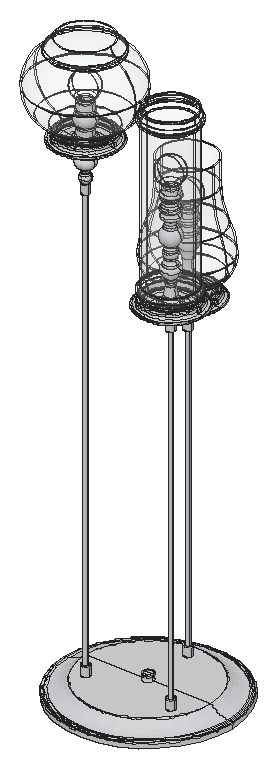
Revit family "Light_Fixture-Pendant-KOHLER-Damask-K-23341_1", category Lighting Fixtures, host Face, Revit 2017
Family settings
  Host = Face
  Round Connector Dimension = Use Diameter
  Part Type = Normal
  OmniClass Number = 23.35.47.11
  OmniClass Title = Lighting Fixtures
  Cut with Voids When Loaded = No
  Light Source = Yes
  Shared = No
  Room Calculation Point = No
Parameters (values of type "CPL - Polished Chrome")
  Width = 12 1/2"
  Wattage Comments = "60 W"  # constant formula
  Wattage = 60 W
  WaterSense Certified = 1 = 0  # no
  built-in parameter 1150110 = 1 (stored number, unit not read)
  Voltage = 120 V  # constant formula
  URL = "https://www.us.kohler.com/us/"
  Type = 4
  built-in parameter 1114217 = 1 (stored number, unit not read)
  built-in parameter 1150109 = 1 (stored number, unit not read)
  built-in parameter 1150134 = (empty or 0)
  built-in parameter 1150113 = 1 (stored number, unit not read)
  Product Page URL = "http://www.us.kohler.com/us/catalog/productDetails.jsp?productNumber=23341-PE03"
  Product Name = "Damask"  # constant formula
  Product Documentation Link = "https://www.us.kohler.com/webassets/kpna/catalog/pdf/en/K-23341-PE03_spec.pdf"
  Model = if(Type = 1, "K-23341-PE03-SNL", if(Type = 2, "K-23341-PE03-BGL", if(Type = 3, "K-23341-PE03-BZL", if(Type = 4, "K-23341-PE03-CPL", "NA"))))  # "K-23341-PE03-CPL"
  Material = "Brass Construction"  # constant formula
  MasterFormat 2004 = "10.28.13"  # constant formula
  MasterFormat 1995 = "10820"  # constant formula
  Manufacturer Address = "444 Highland Dr, Kohler, WI 53044"  # constant formula
  Manufacturer = "KOHLER Co."  # constant formula
  built-in parameter 1150105 = 179.05 (stored number, unit not read)
  Lumens = 2250 lm
  built-in parameter 1150115 = 1 (stored number, unit not read)
  Light Source Symbol Size = 6"  # constant formula
  built-in parameter 1150137 = (empty or 0)
  built-in parameter 1150139 = (empty or 0)
  Length = 12 1/2"
  built-in parameter 1150112 = 1 (stored number, unit not read)
  built-in parameter 1150114 = 1 (stored number, unit not read)
  Lamp = "Candelabra base (E12) socket, works best with type G or T light bulbs (sold separately)"  # constant formula
  built-in parameter 1150132 = (empty or 0)
  built-in parameter 1150102 = (empty or 0)
  built-in parameter 1150107 = 3000 (stored number, unit not read)
  built-in parameter 1150138 = (empty or 0)
  built-in parameter 1150106 = 1.7905 (stored number, unit not read)
  Height = 43 1/4"
  Glass Material = Kohler-Glass-L-Crystal_Clear
  Finish = Kohler-Metal-CP-Polished_Chrome
  Environmental Product Declaration = ""
  Electrical Note = "One circuit required"  # constant formula
  Electrical Connector = 1 = 1  # yes
  built-in parameter 1150104 = 3.4839 (stored number, unit not read)
  Dimming Lamp Color Temperature Shift = Incandescent Lamp Curve
  Description = "Three-light pendant cloud\r"  # constant formula
  Default Elevation = 0"
  Declare Label = ""
  Date Modified = "03/30/2020"  # constant formula
  Date Created = "03/30/2020"  # constant formula
  Copyright = "Copyright KOHLER Co."  # constant formula
  Contact Us = "https://www.us.kohler.com/us/static/contact.jsp"
  Color Filter = 16777215
  built-in parameter 1114218 = 1 (stored number, unit not read)
  built-in parameter 1150133 = 10 (stored number, unit not read)
  Assembly Code = "C1030200"
  Apparent Load = 60 VA  # constant formula
  ADA Compliant = 1 = 0  # no
Reference planes (in)
  plane 1 "Center (Front/Back)": y = 0
  plane 2: z = 0
  plane 3 "Center (Left/Right)": x = 0
  plane 4: y = -6.25
  plane 5: x = -6.93086
  plane 6: y = 3.65551
  plane 7: x = -6.25
  plane 8: x = -3.14961
  plane 9: x = 6.25
  plane 10: y = -1.85546
  plane 11: x = 3.14961
  plane 12: x = 0
  plane 13: y = 6.25
  plane 14: x = 5.52461
  plane 15: y = 1.92579
  plane 16: y = -5.63671
  plane 17: x = 0.77461
  plane 18: x = 0.63164
  plane 19: y = 0.51954
  plane 20: y = 0.71801
  plane 21: y = -4.23046
  plane 22: y = -3.88671
  plane 23: x = -0.97539
  plane 24: x = 1.11836
  plane 25: z = 40.79041
  plane 26: z = 43.25
  plane 27: z = 34.05512
  plane 28: z = 40.03484
  plane 29: z = 36.125
  plane 30: z = 35.58632
  plane 31: z = 24.43012
  plane 32: z = 27.41541
  plane 33: z = 1.0625
  plane 34: x = 5.18086
  plane 35: y = 6.59301
Dimensions and locks (in)
  "Width": plane 7 to plane 9
  "Height": plane 26 to plane 2
  "Length": plane 4 to plane 13
  plane 33 to plane 2 = 1 1/16"
  plane 25 to plane 32 = 13 3/8"
  plane 34 to plane 24 = 4 1/16"
  plane 31 to plane 27 = 9 5/8"
  plane 35 to plane 20 = 5 7/8"
  plane 29 to plane 26 = 7 1/8"
  plane 15 to plane 16 = 7 9/16"
  aligned and locked: plane 2 to host face
  aligned and locked: level to host face
  aligned and locked: plane 3 "Center (Left/Right)" to nested 3
  aligned and locked: plane 1 "Center (Front/Back)" to nested 3
Automatic sketch dimensions
  host sketch curve to host sketch curve = 96"  (x2)
Nested families (in)
  nested 1: "Light_Point_Source" at (-3.16199, -1.84564, 39.875), type "Light_Point_Source"
  nested 2: "Light_Point_Source" at (3.15587, -1.88579, 36.51617), type "Light_Point_Source"
  nested 3: "K-23341" at (0, 0, 0), type "K-23341"
Connectors (in)
  electrical at (0, 0, -0.00738), driven by "Voltage", driven by "Apparent Load", driven by "Electrical Connector", driven by "Electrical Note"
    settings: on nested 3, index 1, voltage 120 V, apparent load 60 VA, apparent load phase1 0 VA, apparent load phase2 0 VA, apparent load phase3 0 VA, power factor 1, load classification "Lighting", number of poles 1, system type 30, power factor state 1, is connector primary yes, connector utility yes, sub classification motor no, connector description "One circuit required"
Definition of nested family "K-23341"
  Parameters (values of type "K-23341")
    Material = none
    Glass Material = none
    Bulb Material = none
  Reference planes (in)
    plane 1 "Center (Front/Back)": y = 0
    plane 2: z = 0
    plane 3 "Center (Left/Right)": x = 0
    plane 4: x = -6.25
    plane 5: x = 6.25
    plane 6: y = 6.25
    plane 7: y = -6.25
    plane 8: z = 1.0625
    plane 9: x = 3.14961
    plane 10: x = -3.14961
    plane 11: x = -0.97539
    plane 12: x = 5.52461
    plane 13: x = 0.77461
    plane 14: x = 1.11836
    plane 15: x = -2.9375
    plane 16: x = 2.9375
    plane 17: z = 40.79041
    plane 18: z = 27.41541
    plane 19: z = 34.05512
    plane 20: z = 24.43012
    plane 21: x = -6.93086
    plane 22: x = 0.63164
    plane 23: z = 43.25
    plane 24: z = 36.125
    plane 25 "A": y = -1.85546
    plane 26 "B": y = 3.65551
    plane 27: y = 1.92579
    plane 28: y = -5.63671
    plane 29: x = 5.18086
    plane 30: y = 0.17579
    plane 31: y = -3.88671
    plane 32: y = 0.51954
    plane 33: y = -4.23046
    plane 34: y = 6.59301
    plane 35: y = 0.71801
    plane 36: z = 39.03484
    plane 37: z = 40.03484
    plane 38: z = 41.03484
    plane 39: z = 35.58632
    plane 40: z = 36.58632
    plane 41: z = 37.58632
    plane 42: z = 30.57227
    plane 43: z = 31.57227
    plane 44: z = 32.57227
  Forms (in)
    Revolve 1, solid, material <- "Material", detail levels medium+fine
      sketch origin (0, 0, 0) x (1, 0, 0) y (0, 0, 1)
        loop
          line (0, 0) -> (6.25, 0) -> (6.25, 0.31899)
          arc (6.25, 0.31899) -> (6.23965, 0.34398) -> (6.21466, 0.35433) r 0.03534
          line (6.21466, 0.35433) -> (6.12415, 0.35433)
          arc (6.12415, 0.35433) -> (6.09771, 0.363) -> (6.08156, 0.38565) r 0.04462
          arc (6.08156, 0.38565) -> (6.056, 0.42184) -> (6.01411, 0.43628) r 0.07216
          arc (6.01411, 0.43628) -> (5.94406, 0.43893) -> (5.87416, 0.44412) r 1.9379
          arc (5.87416, 0.44412) -> (5.20007, 0.63343) -> (4.63725, 1.04993) r 1.9379
          arc (4.63725, 1.04993) -> (4.62407, 1.05922) -> (4.60828, 1.0625) r 0.03966
          line (4.60828, 1.0625) -> (0.35371, 1.0625)
          arc (0.35371, 1.0625) -> (0.30571, 1.22133) -> (0.35265, 1.38047) r 0.29002
          line (0.35265, 1.38047) -> (0.35265, 1.5089)
          arc (0.35265, 1.5089) -> (0.34488, 1.52766) -> (0.32612, 1.53543) r 0.02653
          line (0.32612, 1.53543) -> (0, 1.53543) -> (0, 0)
        axis (0, 1.53543) -> (0, 0)
      angle from 0 to 360
    Revolve 2, solid, material <- "Material", detail levels medium+fine
      sketch origin (0, -1.85546, 0) x (0, 0, -1) y (-1, 0, 0)
        loop
          arc (-1.77165, -3.42356) -> (-1.76545, -3.43853) -> (-1.75049, -3.44473) r 0.02116
          line (-1.75049, -3.44473) -> (-1.08351, -3.44473)
          arc (-1.08351, -3.44473) -> (-1.06865, -3.43857) -> (-1.0625, -3.42372) r 0.02101
          line (-1.0625, -3.42372) -> (-1.0625, -3.14961) -> (-35.58632, -3.14961) -> (-35.58632, -3.64853)
          arc (-35.58632, -3.64853) -> (-35.5718, -3.68358) -> (-35.53675, -3.6981) r 0.04958
          line (-35.53675, -3.6981) -> (-35.21456, -3.6981)
          arc (-35.21456, -3.6981) -> (-35.19827, -3.70506) -> (-35.19203, -3.72164) r 0.02255
          arc (-35.19203, -3.72164) -> (-35.13402, -3.80866) -> (-35.03354, -3.77965) r 0.08852
          arc (-35.03354, -3.77965) -> (-35.01947, -3.77282) -> (-35.00552, -3.7799) r 0.01758
          arc (-35.00552, -3.7799) -> (-34.97915, -3.80444) -> (-34.94578, -3.81803) r 0.09986
          arc (-34.94578, -3.81803) -> (-34.91218, -3.81659) -> (-34.88332, -3.7993) r 0.06841
          arc (-34.88332, -3.7993) -> (-34.83316, -3.753) -> (-34.77922, -3.71115) r 0.79818
          arc (-34.77922, -3.71115) -> (-34.73767, -3.68888) -> (-34.69191, -3.67757) r 0.18913
          arc (-34.69191, -3.67757) -> (-34.5888, -3.66962) -> (-34.48539, -3.67001) r 1.28159
          arc (-34.48539, -3.67001) -> (-34.40407, -3.68068) -> (-34.32578, -3.70515) r 0.47598
          arc (-34.32578, -3.70515) -> (-34.29897, -3.72388) -> (-34.28272, -3.75227) r 0.07474
          arc (-34.28272, -3.75227) -> (-34.26313, -3.78261) -> (-34.23059, -3.79827) r 0.06667
          line (-34.23059, -3.79827) -> (-34.11087, -3.81938)
          arc (-34.11087, -3.81938) -> (-34.07295, -3.8141) -> (-34.04532, -3.7876) r 0.06216
          arc (-34.04532, -3.7876) -> (-33.86983, -3.673) -> (-33.67844, -3.75842) r 0.21893
          arc (-33.67844, -3.75842) -> (-33.6037, -3.78488) -> (-33.54944, -3.72707) r 0.07249
          arc (-33.54944, -3.72707) -> (-33.50922, -3.64019) -> (-33.43131, -3.58454) r 0.18724
          arc (-33.43131, -3.58454) -> (-33.31081, -3.54793) -> (-33.1865, -3.52767) r 0.94435
          arc (-33.1865, -3.52767) -> (-33.1025, -3.52555) -> (-33.01903, -3.53507) r 0.60549
          arc (-33.01903, -3.53507) -> (-32.98949, -3.54742) -> (-32.96771, -3.5709) r 0.07563
          arc (-32.96771, -3.5709) -> (-32.91144, -3.59734) -> (-32.86613, -3.55477) r 0.05531
          arc (-32.86613, -3.55477) -> (-32.32283, -3.85963) -> (-31.77952, -3.55477) r 0.63656
          arc (-31.77952, -3.55477) -> (-31.75272, -3.58843) -> (-31.71391, -3.56984) r 0.03454
          arc (-31.71391, -3.56984) -> (-31.59121, -3.4873) -> (-31.45879, -3.55313) r 0.14707
          arc (-31.45879, -3.55313) -> (-31.42999, -3.57152) -> (-31.39707, -3.56234) r 0.04189
          arc (-31.39707, -3.56234) -> (-31.38258, -3.55849) -> (-31.37024, -3.56703) r 0.01789
          arc (-31.37024, -3.56703) -> (-31.33728, -3.60397) -> (-31.29273, -3.62556) r 0.12741
          arc (-31.29273, -3.62556) -> (-31.12159, -3.6269) -> (-30.97042, -3.54665) r 0.34871
          arc (-30.97042, -3.54665) -> (-30.94638, -3.53696) -> (-30.92179, -3.54518) r 0.03751
          arc (-30.92179, -3.54518) -> (-30.88785, -3.55691) -> (-30.85416, -3.54451) r 0.05343
          arc (-30.85416, -3.54451) -> (-30.65689, -3.49712) -> (-30.49953, -3.62517) r 0.22876
          arc (-30.49953, -3.62517) -> (-30.45169, -3.66185) -> (-30.39695, -3.6366) r 0.05832
          arc (-30.39695, -3.6366) -> (-30.38242, -3.63004) -> (-30.37001, -3.64006) r 0.01522
          arc (-30.37001, -3.64006) -> (-30.26349, -3.76836) -> (-30.09919, -3.79683) r 0.24108
          arc (-30.09919, -3.79683) -> (-29.87383, -3.73275) -> (-29.66475, -3.62705) r 1.22829
          arc (-29.66475, -3.62705) -> (-29.6307, -3.59561) -> (-29.61007, -3.55413) r 0.12806
          arc (-29.61007, -3.55413) -> (-29.59095, -3.5285) -> (-29.55965, -3.52196) r 0.04518
          arc (-29.55965, -3.52196) -> (-29.48281, -3.52253) -> (-29.40913, -3.50068) r 0.26066
          line (-29.40913, -3.50068) -> (-29.35797, -3.47682)
          arc (-29.35797, -3.47682) -> (-29.34149, -3.47713) -> (-29.33161, -3.49034) r 0.01876
          arc (-29.33161, -3.49034) -> (-29.31104, -3.5206) -> (-29.27489, -3.5262) r 0.04589
          arc (-29.27489, -3.5262) -> (-29.19644, -3.50136) -> (-29.12089, -3.46876) r 0.81743
          arc (-29.12089, -3.46876) -> (-29.09522, -3.46026) -> (-29.0682, -3.45908) r 0.09829
          arc (-29.0682, -3.45908) -> (-28.75044, -3.49365) -> (-28.43377, -3.53717) r 11.32687
          arc (-28.43377, -3.53717) -> (-28.2577, -3.59264) -> (-28.10684, -3.69904) r 0.59978
          arc (-28.10684, -3.69904) -> (-28.07134, -3.74378) -> (-28.04869, -3.7962) r 0.21793
          arc (-28.04869, -3.7962) -> (-28.03359, -3.83314) -> (-28.0107, -3.86583) r 0.17931
          arc (-28.0107, -3.86583) -> (-27.94116, -3.91719) -> (-27.85665, -3.93538) r 0.20536
          line (-27.85665, -3.93538) -> (-27.5425, -3.93538) -> (-27.5425, -4.07355)
          arc (-27.5425, -4.07355) -> (-27.62785, -4.20613) -> (-27.67824, -4.35553) r 0.64065
          arc (-27.67824, -4.35553) -> (-27.70919, -4.55839) -> (-27.71955, -4.76334) r 2.03365
          line (-27.71955, -4.76334) -> (-27.71955, -5.03983) -> (-28.24803, -5.03983) -> (-28.24803, -5.11583)
          arc (-28.24803, -5.11583) -> (-28.23942, -5.13663) -> (-28.21861, -5.14524) r 0.02942
          line (-28.21861, -5.14524) -> (-28.04319, -5.14524)
          arc (-28.04319, -5.14524) -> (-27.95253, -5.16646) -> (-27.8807, -5.22571) r 0.20429
          arc (-27.8807, -5.22571) -> (-27.83566, -5.30609) -> (-27.81466, -5.39581) r 0.3292
          arc (-27.81466, -5.39581) -> (-27.80915, -5.44582) -> (-27.80164, -5.49557) r 1.24951
          arc (-27.80164, -5.49557) -> (-27.7781, -5.5226) -> (-27.74328, -5.51415) r 0.03449
          arc (-27.74328, -5.51415) -> (-27.69743, -5.45647) -> (-27.6659, -5.38988) r 0.32156
          arc (-27.6659, -5.38988) -> (-27.63863, -5.28901) -> (-27.6243, -5.18551) r 0.82677
          arc (-27.6243, -5.18551) -> (-27.60859, -4.98079) -> (-27.59195, -4.77614) r 45.49267
          arc (-27.59195, -4.77614) -> (-27.57853, -4.61876) -> (-27.56455, -4.46142) r 45.49267
          arc (-27.56455, -4.46142) -> (-27.54898, -4.35317) -> (-27.52212, -4.24716) r 1.03998
          arc (-27.52212, -4.24716) -> (-27.48957, -4.18817) -> (-27.43633, -4.14687) r 0.16673
          arc (-27.43633, -4.14687) -> (-27.42107, -4.13308) -> (-27.41541, -4.1133) r 0.0374
          line (-27.41541, -4.1133) -> (-27.41541, -3.49761)
          arc (-27.41541, -3.49761) -> (-27.39453, -3.52761) -> (-27.36047, -3.54086) r 0.06271
          arc (-27.36047, -3.54086) -> (-27.30825, -3.53165) -> (-27.26685, -3.49852) r 0.1071
          arc (-27.26685, -3.49852) -> (-27.24095, -3.47406) -> (-27.20844, -3.45954) r 0.10628
          arc (-27.20844, -3.45954) -> (-27.15885, -3.45007) -> (-27.10847, -3.44689) r 0.40136
          arc (-27.10847, -3.44689) -> (-27.05449, -3.45133) -> (-27.00196, -3.46453) r 0.33035
          arc (-27.00196, -3.46453) -> (-26.97258, -3.48032) -> (-26.94988, -3.50476) r 0.10172
          arc (-26.94988, -3.50476) -> (-26.91, -3.53746) -> (-26.85862, -3.5419) r 0.08718
          arc (-26.85862, -3.5419) -> (-26.81321, -3.51385) -> (-26.79545, -3.46352) r 0.08021
          line (-26.79545, -3.46352) -> (-26.79545, -3.42416)
          arc (-26.79545, -3.42416) -> (-26.78944, -3.43866) -> (-26.77494, -3.44467) r 0.02051
          line (-26.77494, -3.44467) -> (-26.10682, -3.44467)
          arc (-26.10682, -3.44467) -> (-26.09266, -3.43881) -> (-26.08679, -3.42464) r 0.02003
          line (-26.08679, -3.42464) -> (-26.08679, -3.28702) -> (-1.77165, -3.28702) -> (-1.77165, -3.42356)
        axis (-35.58632, -3.14961) -> (-1.0625, -3.14961)
      angle from 0 to 360
    Revolve 3, solid, material <- "Glass Material"
      sketch origin (0, -1.85546, 0) x (0, 0, -1) y (-1, 0, 0)
        loop
          line (-27.83544, -5.00081) -> (-27.71955, -5.00081) -> (-27.71955, -4.89925) -> (-27.83753, -4.89925)
          arc (-27.83753, -4.89925) -> (-28.09097, -4.73605) -> (-28.35601, -4.87965) r 0.29596
          arc (-28.35601, -4.87965) -> (-28.48163, -4.92559) -> (-28.59044, -5.0034) r 0.49656
          arc (-28.59044, -5.0034) -> (-28.67875, -5.05963) -> (-28.78158, -5.07929) r 0.27866
          arc (-28.78158, -5.07929) -> (-28.91247, -5.03974) -> (-28.99955, -4.93432) r 0.23635
          arc (-28.99955, -4.93432) -> (-29.0447, -4.87967) -> (-29.11256, -4.85916) r 0.12254
          line (-29.11256, -4.85916) -> (-39.76054, -4.85916)
          arc (-39.76054, -4.85916) -> (-39.80718, -4.87441) -> (-39.83579, -4.91427) r 0.07893
          arc (-39.83579, -4.91427) -> (-39.92148, -5.03363) -> (-40.06112, -5.07929) r 0.23635
          arc (-40.06112, -5.07929) -> (-40.16395, -5.05963) -> (-40.25227, -5.0034) r 0.27866
          arc (-40.25227, -5.0034) -> (-40.42516, -4.89454) -> (-40.62638, -4.85918) r 0.52993
          arc (-40.62638, -4.85918) -> (-40.70847, -4.85863) -> (-40.79041, -4.85367) r 1.53167
          line (-40.79041, -4.85367) -> (-40.79041, -4.9556)
          arc (-40.79041, -4.9556) -> (-40.70745, -4.96027) -> (-40.62435, -4.96072) r 1.63324
          arc (-40.62435, -4.96072) -> (-40.46169, -4.98931) -> (-40.32193, -5.0773) r 0.42837
          arc (-40.32193, -5.0773) -> (-40.20143, -5.15402) -> (-40.06112, -5.18086) r 0.38022
          arc (-40.06112, -5.18086) -> (-39.86827, -5.12042) -> (-39.7444, -4.96072) r 0.33791
          line (-39.7444, -4.96072) -> (-29.0983, -4.96072)
          arc (-29.0983, -4.96072) -> (-28.97444, -5.12042) -> (-28.78158, -5.18086) r 0.33791
          arc (-28.78158, -5.18086) -> (-28.64127, -5.15402) -> (-28.52077, -5.0773) r 0.38022
          arc (-28.52077, -5.0773) -> (-28.42691, -5.01164) -> (-28.31815, -4.97568) r 0.39499
          arc (-28.31815, -4.97568) -> (-28.29318, -4.96494) -> (-28.27567, -4.94416) r 0.05902
          arc (-28.27567, -4.94416) -> (-28.10251, -4.83741) -> (-27.92896, -4.94351) r 0.1944
          arc (-27.92896, -4.94351) -> (-27.89027, -4.98535) -> (-27.83544, -5.00081) r 0.10497
        axis (-27.71955, -3.14961) -> (-40.79041, -3.14961)
      angle from 0 to 360
    Revolve 4, solid, material <- "Material", detail levels medium+fine
      sketch origin (0, -1.85546, 0) x (0, 0, -1) y (-1, 0, 0)
        loop
          line (-1.0625, 3.14961) -> (-39.03484, 3.14961) -> (-39.03484, 2.62641)
          arc (-39.03484, 2.62641) -> (-39.02653, 2.60634) -> (-39.00645, 2.59802) r 0.02839
          line (-39.00645, 2.59802) -> (-38.52303, 2.59802) -> (-38.52303, 2.5577)
          arc (-38.52303, 2.5577) -> (-38.48779, 2.53159) -> (-38.44799, 2.55001) r 0.04297
          arc (-38.44799, 2.55001) -> (-38.35523, 2.6032) -> (-38.25577, 2.56393) r 0.12334
          arc (-38.25577, 2.56393) -> (-37.88216, 2.40234) -> (-37.51116, 2.56984) r 0.50348
          arc (-37.51116, 2.56984) -> (-37.45078, 2.60484) -> (-37.38137, 2.59758) r 0.11268
          arc (-37.38137, 2.59758) -> (-37.34167, 2.55788) -> (-37.30197, 2.59758) r 0.0397
          line (-37.30197, 2.59758) -> (-36.83937, 2.59758)
          arc (-36.83937, 2.59758) -> (-36.80587, 2.55402) -> (-36.78432, 2.50347) r 0.21793
          arc (-36.78432, 2.50347) -> (-36.76922, 2.46653) -> (-36.74633, 2.43384) r 0.17931
          arc (-36.74633, 2.43384) -> (-36.67679, 2.38248) -> (-36.59228, 2.36429) r 0.20536
          line (-36.59228, 2.36429) -> (-36.27813, 2.36429) -> (-36.27813, 2.22611)
          arc (-36.27813, 2.22611) -> (-36.36348, 2.09354) -> (-36.41387, 1.94414) r 0.64065
          arc (-36.41387, 1.94414) -> (-36.44482, 1.74127) -> (-36.45517, 1.53632) r 2.03365
          line (-36.45517, 1.53632) -> (-36.45517, 1.25984) -> (-36.98366, 1.25984) -> (-36.98366, 1.18384)
          arc (-36.98366, 1.18384) -> (-36.97504, 1.16304) -> (-36.95424, 1.15442) r 0.02942
          line (-36.95424, 1.15442) -> (-36.77882, 1.15442)
          arc (-36.77882, 1.15442) -> (-36.68816, 1.13321) -> (-36.61633, 1.07396) r 0.20429
          arc (-36.61633, 1.07396) -> (-36.57129, 0.99358) -> (-36.55029, 0.90386) r 0.3292
          arc (-36.55029, 0.90386) -> (-36.54478, 0.85385) -> (-36.53726, 0.8041) r 1.24951
          arc (-36.53726, 0.8041) -> (-36.51373, 0.77707) -> (-36.47891, 0.78552) r 0.03449
          arc (-36.47891, 0.78552) -> (-36.43305, 0.84319) -> (-36.40153, 0.90979) r 0.32156
          arc (-36.40153, 0.90979) -> (-36.37426, 1.01066) -> (-36.35993, 1.11416) r 0.82677
          arc (-36.35993, 1.11416) -> (-36.34422, 1.31888) -> (-36.32758, 1.52353) r 45.49267
          arc (-36.32758, 1.52353) -> (-36.31416, 1.68091) -> (-36.30018, 1.83825) r 45.49267
          arc (-36.30018, 1.83825) -> (-36.28461, 1.94649) -> (-36.25775, 2.05251) r 1.03998
          arc (-36.25775, 2.05251) -> (-36.2185, 2.11728) -> (-36.15346, 2.15609) r 0.15674
          arc (-36.15346, 2.15609) -> (-36.13289, 2.17057) -> (-36.125, 2.19445) r 0.04008
          line (-36.125, 2.19445) -> (-36.125, 2.67719) -> (-35.64628, 2.67719)
          arc (-35.64628, 2.67719) -> (-35.59767, 2.61929) -> (-35.535, 2.66158) r 0.05649
          arc (-35.535, 2.66158) -> (-35.43125, 2.75257) -> (-35.3097, 2.68724) r 0.12104
          arc (-35.3097, 2.68724) -> (-34.99946, 2.49896) -> (-34.69258, 2.69264) r 0.34477
          arc (-34.69258, 2.69264) -> (-34.67439, 2.7378) -> (-34.66274, 2.78507) r 0.34477
          arc (-34.66274, 2.78507) -> (-34.60888, 2.88525) -> (-34.50561, 2.93295) r 0.17952
          arc (-34.50561, 2.93295) -> (-34.49725, 2.90263) -> (-34.47444, 2.88098) r 0.0587
          arc (-34.47444, 2.88098) -> (-34.43473, 2.8754) -> (-34.4007, 2.89661) r 0.0587
          arc (-34.4007, 2.89661) -> (-34.3874, 2.90416) -> (-34.37263, 2.90018) r 0.02013
          arc (-34.37263, 2.90018) -> (-34.34604, 2.89195) -> (-34.32047, 2.90293) r 0.04026
          arc (-34.32047, 2.90293) -> (-34.30631, 2.90802) -> (-34.29299, 2.90105) r 0.01871
          arc (-34.29299, 2.90105) -> (-34.23618, 2.84391) -> (-34.16853, 2.80013) r 0.37737
          arc (-34.16853, 2.80013) -> (-34.05629, 2.7625) -> (-33.93798, 2.75828) r 0.41266
          arc (-33.93798, 2.75828) -> (-33.77037, 2.8138) -> (-33.64033, 2.93323) r 0.42046
          arc (-33.64033, 2.93323) -> (-33.63045, 2.90936) -> (-33.60658, 2.89948) r 0.03376
          line (-33.60658, 2.89948) -> (-32.92392, 2.89948)
          arc (-32.92392, 2.89948) -> (-32.90156, 2.90874) -> (-32.8923, 2.9311) r 0.03162
          line (-32.8923, 2.9311) -> (-32.8923, 3.01185) -> (-1.77165, 3.01185) -> (-1.77165, 2.87456)
          arc (-1.77165, 2.87456) -> (-1.76556, 2.85986) -> (-1.75086, 2.85377) r 0.02079
          line (-1.75086, 2.85377) -> (-1.08565, 2.85377)
          arc (-1.08565, 2.85377) -> (-1.06928, 2.86055) -> (-1.0625, 2.87692) r 0.02315
          line (-1.0625, 2.87692) -> (-1.0625, 3.14961)
        axis (-1.0625, 3.14961) -> (-39.03484, 3.14961)
      angle from 0 to 360
    Revolve 5, solid, material <- "Glass Material"
      sketch origin (0, -1.85546, 0) x (0, 0, -1) y (-1, 0, 0)
        loop
          arc (-38.05884, 0.17656) -> (-37.71967, 0.5666) -> (-37.44745, 1.00599) r 3.21249
          arc (-37.44745, 1.00599) -> (-37.2685, 1.23069) -> (-37.0166, 1.36875) r 0.72859
          arc (-37.0166, 1.36875) -> (-36.96591, 1.38727) -> (-36.9172, 1.41049) r 0.57079
          arc (-36.9172, 1.41049) -> (-36.77844, 1.4283) -> (-36.6631, 1.34914) r 0.1962
          arc (-36.6631, 1.34914) -> (-36.62243, 1.31315) -> (-36.5697, 1.30017) r 0.11354
          line (-36.5697, 1.30017) -> (-36.45517, 1.30017) -> (-36.45517, 1.40173) -> (-36.57606, 1.40173)
          arc (-36.57606, 1.40173) -> (-36.75158, 1.52627) -> (-36.96519, 1.5) r 0.29777
          arc (-36.96519, 1.5) -> (-37.00523, 1.48091) -> (-37.0469, 1.46569) r 0.46923
          arc (-37.0469, 1.46569) -> (-37.33391, 1.30838) -> (-37.53781, 1.05236) r 0.83016
          arc (-37.53781, 1.05236) -> (-37.80143, 0.62686) -> (-38.12987, 0.24915) r 3.11093
          arc (-38.12987, 0.24915) -> (-39.00874, -0.32778) -> (-40.04041, -0.53008) r 2.73178
          arc (-40.04041, -0.53008) -> (-41.31235, -0.20774) -> (-42.27724, 0.68149) r 2.67063
          arc (-42.27724, 0.68149) -> (-42.38333, 0.75724) -> (-42.51268, 0.74094) r 0.179
          arc (-42.51268, 0.74094) -> (-42.78904, 1.14833) -> (-43.25, 1.32112) r 0.81182
          line (-43.25, 1.32112) -> (-43.25, 1.21941)
          arc (-43.25, 1.21941) -> (-42.85752, 1.07293) -> (-42.61586, 0.73073) r 0.71026
          arc (-42.61586, 0.73073) -> (-42.55205, 0.65855) -> (-42.45576, 0.65565) r 0.12129
          arc (-42.45576, 0.65565) -> (-42.40374, 0.6575) -> (-42.3623, 0.626) r 0.07744
          arc (-42.3623, 0.626) -> (-41.36072, -0.29704) -> (-40.04041, -0.63164) r 2.77219
          arc (-40.04041, -0.63164) -> (-38.97039, -0.42182) -> (-38.05884, 0.17656) r 2.83335
        axis (-36.45517, 3.14961) -> (-43.25, 3.14961)
      angle from 0 to 360
    Revolve 6, solid, material <- "Material", detail levels medium+fine
      sketch origin (0, 3.65551, 0) x (0, 0, -1) y (-1, 0, 0)
        loop
          line (-1.77165, -0.13805) -> (-1.77165, -0.27381)
          arc (-1.77165, -0.27381) -> (-1.76541, -0.28888) -> (-1.75035, -0.29512) r 0.02131
          line (-1.75035, -0.29512) -> (-1.08649, -0.29512)
          arc (-1.08649, -0.29512) -> (-1.06953, -0.2881) -> (-1.0625, -0.27113) r 0.02399
          line (-1.0625, -0.27113) -> (-1.0625, 0) -> (-30.57227, 0) -> (-30.57227, -0.51883)
          arc (-30.57227, -0.51883) -> (-30.56026, -0.54785) -> (-30.53124, -0.55986) r 0.04103
          line (-30.53124, -0.55986) -> (-30.17982, -0.55986)
          arc (-30.17982, -0.55986) -> (-30.11616, -0.65992) -> (-30.00993, -0.60721) r 0.08868
          arc (-30.00993, -0.60721) -> (-29.93859, -0.65747) -> (-29.85688, -0.62682) r 0.09337
          arc (-29.85688, -0.62682) -> (-29.77067, -0.55867) -> (-29.66624, -0.52443) r 0.3137
          arc (-29.66624, -0.52443) -> (-29.49209, -0.51673) -> (-29.31971, -0.54259) r 0.90404
          arc (-29.31971, -0.54259) -> (-29.28795, -0.56061) -> (-29.27001, -0.59241) r 0.0683
          arc (-29.27001, -0.59241) -> (-29.2322, -0.6347) -> (-29.17597, -0.62724) r 0.06066
          arc (-29.17597, -0.62724) -> (-29.15382, -0.62213) -> (-29.13452, -0.63414) r 0.02976
          arc (-29.13452, -0.63414) -> (-29.0592, -0.66036) -> (-29.00917, -0.59826) r 0.06923
          arc (-29.00917, -0.59826) -> (-28.53612, -0.68353) -> (-28.06952, -0.56807) r 1.15044
          arc (-28.06952, -0.56807) -> (-27.75677, -0.43729) -> (-27.43118, -0.34292) r 2.97687
          arc (-27.43118, -0.34292) -> (-26.93118, -0.28639) -> (-26.43118, -0.34292) r 2.23959
          arc (-26.43118, -0.34292) -> (-26.36817, -0.39397) -> (-26.31288, -0.33465) r 0.05944
          arc (-26.31288, -0.33465) -> (-26.22462, -0.4325) -> (-26.11813, -0.35486) r 0.09843
          arc (-26.11813, -0.35486) -> (-25.79343, -0.39668) -> (-25.64569, -0.68883) r 0.34961
          arc (-25.64569, -0.68883) -> (-25.45509, -0.62394) -> (-25.3701, -0.44142) r 0.25643
          line (-25.3701, -0.44142) -> (-25.05514, -0.44142) -> (-25.05514, -0.60124)
          arc (-25.05514, -0.60124) -> (-25.00122, -0.7314) -> (-24.87105, -0.78532) r 0.18408
          line (-24.87105, -0.78532) -> (-24.54155, -0.78532) -> (-24.54155, -0.92349)
          arc (-24.54155, -0.92349) -> (-24.6269, -1.05607) -> (-24.67729, -1.20547) r 0.64065
          arc (-24.67729, -1.20547) -> (-24.70825, -1.40833) -> (-24.7186, -1.61328) r 2.03365
          line (-24.7186, -1.61328) -> (-24.7186, -1.88976) -> (-25.24709, -1.88976) -> (-25.24709, -1.96577)
          arc (-25.24709, -1.96577) -> (-25.23847, -1.98657) -> (-25.21767, -1.99518) r 0.02942
          line (-25.21767, -1.99518) -> (-25.04225, -1.99518)
          arc (-25.04225, -1.99518) -> (-24.95159, -2.0164) -> (-24.87976, -2.07565) r 0.20429
          arc (-24.87976, -2.07565) -> (-24.83472, -2.15603) -> (-24.81371, -2.24575) r 0.3292
          arc (-24.81371, -2.24575) -> (-24.80821, -2.29576) -> (-24.80069, -2.34551) r 1.24951
          arc (-24.80069, -2.34551) -> (-24.77716, -2.37253) -> (-24.74233, -2.36408) r 0.03449
          arc (-24.74233, -2.36408) -> (-24.69648, -2.30641) -> (-24.66496, -2.23982) r 0.32156
          arc (-24.66496, -2.23982) -> (-24.63769, -2.13895) -> (-24.62336, -2.03545) r 0.82677
          arc (-24.62336, -2.03545) -> (-24.60765, -1.83072) -> (-24.59101, -1.62608) r 45.49267
          arc (-24.59101, -1.62608) -> (-24.57758, -1.46869) -> (-24.56361, -1.31136) r 45.49267
          arc (-24.56361, -1.31136) -> (-24.54803, -1.20311) -> (-24.52118, -1.0971) r 1.03998
          arc (-24.52118, -1.0971) -> (-24.49271, -1.04318) -> (-24.44667, -1.0032) r 0.16573
          arc (-24.44667, -1.0032) -> (-24.43455, -0.99096) -> (-24.43012, -0.97431) r 0.03348
          line (-24.43012, -0.97431) -> (-24.43012, -0.43844)
          arc (-24.43012, -0.43844) -> (-24.41747, -0.4573) -> (-24.39476, -0.45772) r 0.02455
          arc (-24.39476, -0.45772) -> (-24.37907, -0.44678) -> (-24.36719, -0.43178) r 0.0657
          arc (-24.36719, -0.43178) -> (-24.32818, -0.38581) -> (-24.27548, -0.35651) r 0.16847
          arc (-24.27548, -0.35651) -> (-24.23529, -0.34815) -> (-24.19428, -0.34975) r 0.16847
          arc (-24.19428, -0.34975) -> (-24.16273, -0.36133) -> (-24.13776, -0.38384) r 0.08859
          arc (-24.13776, -0.38384) -> (-24.12457, -0.4032) -> (-24.11331, -0.42374) r 0.24292
          arc (-24.11331, -0.42374) -> (-24.0888, -0.44203) -> (-24.05968, -0.43266) r 0.03336
          arc (-24.05968, -0.43266) -> (-24.04548, -0.42766) -> (-24.03272, -0.43564) r 0.01735
          arc (-24.03272, -0.43564) -> (-23.97298, -0.49194) -> (-23.89349, -0.5124) r 0.16464
          arc (-23.89349, -0.5124) -> (-23.75597, -0.48547) -> (-23.63878, -0.40864) r 0.3645
          arc (-23.63878, -0.40864) -> (-23.62403, -0.40313) -> (-23.61003, -0.41033) r 0.01947
          arc (-23.61003, -0.41033) -> (-23.5759, -0.42861) -> (-23.53899, -0.41694) r 0.04982
          arc (-23.53899, -0.41694) -> (-23.51333, -0.39171) -> (-23.49154, -0.36307) r 0.25106
          arc (-23.49154, -0.36307) -> (-23.47474, -0.34466) -> (-23.45297, -0.33252) r 0.07766
          arc (-23.45297, -0.33252) -> (-23.43743, -0.33326) -> (-23.42701, -0.34481) r 0.02022
          arc (-23.42701, -0.34481) -> (-23.37123, -0.37758) -> (-23.32952, -0.32812) r 0.05017
          line (-23.32952, -0.32812) -> (-23.32952, -0.27549)
          arc (-23.32952, -0.27549) -> (-23.32341, -0.28944) -> (-23.3093, -0.29517) r 0.02023
          line (-23.3093, -0.29517) -> (-22.64064, -0.29517)
          arc (-22.64064, -0.29517) -> (-22.62665, -0.28937) -> (-22.62086, -0.27538) r 0.01978
          line (-22.62086, -0.27538) -> (-22.62086, -0.13805) -> (-1.77165, -0.13805)
        axis (-30.57227, 0) -> (-1.0625, 0)
      angle from 0 to 360
    Revolve 7, solid, material <- "Glass Material"
      sketch origin (0, 3.65551, 0) x (0, 0, -1) y (-1, 0, 0)
        loop
          line (-24.7186, 1.75116) -> (-24.7186, 1.85272) -> (-24.82183, 1.85272)
          arc (-24.82183, 1.85272) -> (-24.87858, 1.83958) -> (-24.92377, 1.80282) r 0.12909
          arc (-24.92377, 1.80282) -> (-25.03844, 1.72633) -> (-25.17607, 1.73405) r 0.2177
          arc (-25.17607, 1.73405) -> (-25.27535, 1.76834) -> (-25.37734, 1.79343) r 1.15099
          arc (-25.37734, 1.79343) -> (-25.88254, 1.98951) -> (-26.29013, 2.34665) r 1.55941
          arc (-26.29013, 2.34665) -> (-26.52387, 2.57993) -> (-26.80278, 2.75673) r 1.5077
          arc (-26.80278, 2.75673) -> (-27.25401, 2.90825) -> (-27.72909, 2.9375) r 1.81854
          arc (-27.72909, 2.9375) -> (-28.71666, 2.7857) -> (-29.66572, 2.47325) r 6.04356
          arc (-29.66572, 2.47325) -> (-30.88482, 2.09534) -> (-32.15475, 1.96767) r 6.37966
          line (-32.15475, 1.96767) -> (-34.05512, 1.96767) -> (-34.05512, 1.86611) -> (-32.15475, 1.86611)
          arc (-32.15475, 1.86611) -> (-30.8646, 1.99581) -> (-29.62609, 2.37974) r 6.48122
          arc (-29.62609, 2.37974) -> (-28.69298, 2.68693) -> (-27.72201, 2.83618) r 5.942
          arc (-27.72201, 2.83618) -> (-27.27346, 2.80857) -> (-26.84744, 2.66551) r 1.71698
          arc (-26.84744, 2.66551) -> (-26.58731, 2.50062) -> (-26.36932, 2.28305) r 1.40614
          arc (-26.36932, 2.28305) -> (-25.93518, 1.90266) -> (-25.39708, 1.69381) r 1.66097
          arc (-25.39708, 1.69381) -> (-25.30409, 1.67093) -> (-25.21357, 1.63967) r 1.04943
          arc (-25.21357, 1.63967) -> (-25.00536, 1.63016) -> (-24.83565, 1.75116) r 0.31926
          line (-24.83565, 1.75116) -> (-24.7186, 1.75116)
        axis (-34.05512, 0) -> (-24.7186, 0)
      angle from 0 to 360
    Revolve 8, solid, material <- "Material", detail levels medium+fine
      sketch origin (0, 3.65551, 0) x (0, 0, -1) y (-1, 0, 0)
        loop
          line (-25.08961, -1.99739) -> (-25.24632, -1.99739) -> (-25.24632, -2.09388)
          arc (-25.24632, -2.09388) -> (-25.2403, -2.10843) -> (-25.22575, -2.11446) r 0.02058
          line (-25.22575, -2.11446) -> (-25.08961, -2.11446) -> (-25.08961, -1.99739)
        axis (-25.08961, -2.11446) -> (-25.08961, -1.99739)
      angle from 0 to 360
    Revolve 9, solid, material <- "Material", detail levels medium+fine
      sketch origin (0, -1.85546, 0) x (0, 0, -1) y (-1, 0, 0)
        loop
          line (-28.09055, -5.14417) -> (-28.24598, -5.14417) -> (-28.24598, -5.24037)
          arc (-28.24598, -5.24037) -> (-28.23986, -5.25513) -> (-28.2251, -5.26124) r 0.02087
          line (-28.2251, -5.26124) -> (-28.09055, -5.26124) -> (-28.09055, -5.14417)
        axis (-28.09055, -5.26124) -> (-28.09055, -5.14417)
      angle from 0 to 360
    Revolve 10, solid, material <- "Material", detail levels medium+fine
      sketch origin (0, -1.85546, 0) x (0, 0, -1) y (-1, 0, 0)
        loop
          line (-36.82618, 1.15504) -> (-36.98161, 1.15504) -> (-36.98161, 1.05804)
          arc (-36.98161, 1.05804) -> (-36.97573, 1.04385) -> (-36.96153, 1.03797) r 0.02007
          line (-36.96153, 1.03797) -> (-36.82618, 1.03797) -> (-36.82618, 1.15504)
        axis (-36.82618, 1.03797) -> (-36.82618, 1.15504)
      angle from 0 to 360
    Revolve 11, solid, material <- "Material", detail levels medium+fine
      sketch origin (4.72441, -4.5831, 0) x (0, 0, -1) y (0.5, -0.866025, 0)
        loop
          line (-28.09055, -5.14417) -> (-28.24598, -5.14417) -> (-28.24598, -5.24037)
          arc (-28.24598, -5.24037) -> (-28.23986, -5.25513) -> (-28.2251, -5.26124) r 0.02087
          line (-28.2251, -5.26124) -> (-28.09055, -5.26124) -> (-28.09055, -5.14417)
        axis (-28.09055, -5.26124) -> (-28.09055, -5.14417)
      angle from 0 to 360
    Revolve 12, solid, material <- "Material", detail levels medium+fine
      sketch origin (4.72441, 0.87218, 0) x (0, 0, -1) y (-0.5, -0.866025, 0)
        loop
          line (-28.09055, 5.14417) -> (-28.09055, 5.26124) -> (-28.2251, 5.26124)
          arc (-28.2251, 5.26124) -> (-28.23986, 5.25513) -> (-28.24598, 5.24037) r 0.02087
          line (-28.24598, 5.24037) -> (-28.24598, 5.14417) -> (-28.09055, 5.14417)
        axis (-28.09055, 5.26124) -> (-28.09055, 5.14417)
      angle from 0 to 360
    Revolve 13, solid, material <- "Material", detail levels medium+fine
      sketch origin (-4.72441, 0.87218, 0) x (0, 0, -1) y (0.5, -0.866025, 0)
        loop
          line (-36.82618, 1.15504) -> (-36.98161, 1.15504) -> (-36.98161, 1.05804)
          arc (-36.98161, 1.05804) -> (-36.97573, 1.04385) -> (-36.96153, 1.03797) r 0.02007
          line (-36.96153, 1.03797) -> (-36.82618, 1.03797) -> (-36.82618, 1.15504)
        axis (-36.82618, 1.03797) -> (-36.82618, 1.15504)
      angle from 0 to 360
    Revolve 14, solid, material <- "Material", detail levels medium+fine
      sketch origin (-4.72441, -4.5831, 0) x (0, 0, -1) y (-0.5, -0.866025, 0)
        loop
          line (-36.82618, -1.15504) -> (-36.82618, -1.03797) -> (-36.96153, -1.03797)
          arc (-36.96153, -1.03797) -> (-36.97573, -1.04385) -> (-36.98161, -1.05804) r 0.02007
          line (-36.98161, -1.05804) -> (-36.98161, -1.15504) -> (-36.82618, -1.15504)
        axis (-36.82618, -1.03797) -> (-36.82618, -1.15504)
      angle from 0 to 360
    Revolve 15, solid, material <- "Material", detail levels medium+fine
      sketch origin (0, 3.65551, 0) x (0, 0, -1) y (0.5, -0.866025, 0)
        loop
          line (-25.08961, -1.99739) -> (-25.24632, -1.99739) -> (-25.24632, -2.09388)
          arc (-25.24632, -2.09388) -> (-25.2403, -2.10843) -> (-25.22575, -2.11446) r 0.02058
          line (-25.22575, -2.11446) -> (-25.08961, -2.11446) -> (-25.08961, -1.99739)
        axis (-25.08961, -2.11446) -> (-25.08961, -1.99739)
      angle from 0 to 360
    Revolve 16, solid, material <- "Material", detail levels medium+fine
      sketch origin (0, 3.65551, 0) x (0, 0, -1) y (-0.5, -0.866025, 0)
        loop
          line (-25.08961, 1.99739) -> (-25.08961, 2.11446) -> (-25.22575, 2.11446)
          arc (-25.22575, 2.11446) -> (-25.2403, 2.10843) -> (-25.24632, 2.09388) r 0.02058
          line (-25.24632, 2.09388) -> (-25.24632, 1.99739) -> (-25.08961, 1.99739)
        axis (-25.08961, 2.11446) -> (-25.08961, 1.99739)
      angle from 0 to 360
    Revolve 17, solid, material <- "Bulb Material", detail levels medium+fine
      sketch origin (0, -1.85546, 0) x (0, 0, -1) y (-1, 0, 0)
        loop
          arc (-41.03484, 3.14961) -> (-40.30178, 2.18589) -> (-39.17735, 2.63511) r 1
          arc (-39.17735, 2.63511) -> (-39.11079, 2.73469) -> (-39.03484, 2.82731) r 1.22785
          line (-39.03484, 2.82731) -> (-39.03484, 3.14961)
          arc (-39.03484, 3.14961) -> (-39.14434, 2.80779) -> (-39.34759, 2.51196) r 1.23367
          arc (-39.34759, 2.51196) -> (-40.37734, 2.27691) -> (-40.97234, 3.14961) r 0.9375
          line (-40.97234, 3.14961) -> (-41.03484, 3.14961)
        axis (-41.03484, 3.14961) -> (-39.03484, 3.14961)
      angle from 0 to 360
    Revolve 18, solid, material <- "Bulb Material", detail levels medium+fine
      sketch origin (0, -1.85546, 0) x (0, 0, -1) y (-1, 0, 0)
        loop
          arc (-37.58632, -3.14961) -> (-36.93139, -4.08819) -> (-35.82446, -3.79734) r 1
          arc (-35.82446, -3.79734) -> (-35.73535, -3.67481) -> (-35.66577, -3.54021) r 1
          arc (-35.66577, -3.54021) -> (-35.6313, -3.47494) -> (-35.58632, -3.41641) r 0.43675
          line (-35.58632, -3.41641) -> (-35.58632, -3.14961)
          arc (-35.58632, -3.14961) -> (-35.68339, -3.45675) -> (-35.85135, -3.7316) r 1.33187
          arc (-35.85135, -3.7316) -> (-36.89444, -4.03503) -> (-37.52382, -3.14961) r 0.9375
          line (-37.52382, -3.14961) -> (-37.58632, -3.14961)
        axis (-37.58632, -3.14961) -> (-35.58632, -3.14961)
      angle from 0 to 360
    Revolve 19, solid, material <- "Bulb Material", detail levels medium+fine
      sketch origin (0, 3.65551, 0) x (0, 0, -1) y (-1, 0, 0)
        loop
          arc (-32.57227, 0) -> (-31.74568, -0.98485) -> (-30.63241, -0.34155) r 1
          arc (-30.63241, -0.34155) -> (-30.60629, -0.28276) -> (-30.57227, -0.22816) r 0.46293
          line (-30.57227, -0.22816) -> (-30.57227, 0)
          arc (-30.57227, 0) -> (-30.63227, -0.1599) -> (-30.69115, -0.3202) r 24.67804
          arc (-30.69115, -0.3202) -> (-31.73484, -0.9233) -> (-32.50977, 0) r 0.9375
          line (-32.50977, 0) -> (-32.57227, 0)
        axis (-32.57227, 0) -> (-30.57227, 0)
      angle from 0 to 360
    Revolve 20, solid, material <- "Material", detail levels coarse
      sketch origin (0, 0, 0) x (1, 0, 0) y (0, 0, 1)
        loop
          line (0, 0) -> (6.25, 0) -> (6.25, 1.0625) -> (0.35265, 1.0625) -> (0.35265, 1.53543) -> (0, 1.53543) -> (0, 0)
        axis (0, 1.53543) -> (0, 0)
      angle from 0 to 360
    Revolve 21, solid, material <- "Material", detail levels coarse
      sketch origin (0, -1.85546, 0) x (0, 0, -1) y (-1, 0, 0)
        loop
          line (-1.0625, 3.14961) -> (-39.03484, 3.14961) -> (-39.03484, 2.43891) -> (-36.98366, 2.43891) -> (-36.98366, 0.81391) -> (-36.1875, 0.81391) -> (-36.1875, 2.89948) -> (-32.8923, 2.89948) -> (-32.8923, 3.01185) -> (-1.77165, 3.01185) -> (-1.77165, 2.87456)
          arc (-1.77165, 2.87456) -> (-1.76556, 2.85986) -> (-1.75086, 2.85377) r 0.02079
          line (-1.75086, 2.85377) -> (-1.08565, 2.85377)
          arc (-1.08565, 2.85377) -> (-1.06928, 2.86055) -> (-1.0625, 2.87692) r 0.02315
          line (-1.0625, 2.87692) -> (-1.0625, 3.14961)
        axis (-1.0625, 3.14961) -> (-39.03484, 3.14961)
      angle from 0 to 360
    Revolve 22, solid, material <- "Material", detail levels coarse
      sketch origin (0, 3.65551, 0) x (0, 0, -1) y (-1, 0, 0)
        loop
          line (-1.77165, -0.13805) -> (-1.77165, -0.27381)
          arc (-1.77165, -0.27381) -> (-1.76541, -0.28888) -> (-1.75035, -0.29512) r 0.02131
          line (-1.75035, -0.29512) -> (-1.08649, -0.29512)
          arc (-1.08649, -0.29512) -> (-1.06953, -0.2881) -> (-1.0625, -0.27113) r 0.02399
          line (-1.0625, -0.27113) -> (-1.0625, 0) -> (-30.57227, 0) -> (-30.57227, -0.51392) -> (-25.24709, -0.51392) -> (-25.24709, -2.26973) -> (-24.6013, -2.26973) -> (-24.6013, -0.38892) -> (-22.64064, -0.38892)
          arc (-22.64064, -0.38892) -> (-22.62665, -0.38312) -> (-22.62086, -0.36913) r 0.01978
          line (-22.62086, -0.36913) -> (-22.62086, -0.13805) -> (-1.77165, -0.13805)
        axis (-30.57227, 0) -> (-1.0625, 0)
      angle from 0 to 360
    Revolve 23, solid, material <- "Material", detail levels coarse
      sketch origin (0, -1.85546, 0) x (0, 0, -1) y (-1, 0, 0)
        loop
          arc (-1.77165, -3.42356) -> (-1.76545, -3.43853) -> (-1.75049, -3.44473) r 0.02116
          line (-1.75049, -3.44473) -> (-1.08351, -3.44473)
          arc (-1.08351, -3.44473) -> (-1.06865, -3.43857) -> (-1.0625, -3.42372) r 0.02101
          line (-1.0625, -3.42372) -> (-1.0625, -3.14961) -> (-35.58632, -3.14961) -> (-35.58632, -3.75355) -> (-28.24598, -3.75355) -> (-28.24598, -5.19467) -> (-27.55595, -5.19467) -> (-27.55595, -3.44467) -> (-26.10682, -3.44467)
          arc (-26.10682, -3.44467) -> (-26.09266, -3.43881) -> (-26.08679, -3.42464) r 0.02003
          line (-26.08679, -3.42464) -> (-26.08679, -3.28702) -> (-1.77165, -3.28702) -> (-1.77165, -3.42356)
        axis (-35.58632, -3.14961) -> (-1.0625, -3.14961)
      angle from 0 to 360
  Cuts and joins
    joined: Revolve 1, Revolve 2
    joined: Revolve 4, Revolve 6
    joined: Revolve 3, Revolve 5, Revolve 7
    joined: Revolve 17, Revolve 18, Revolve 19
    joined: Revolve 8, Revolve 9, Revolve 10, Revolve 11, Revolve 12, Revolve 13, Revolve 14, Revolve 15, Revolve 16
  Lines and regions (in)
    Masking region 1
      outline origin (0, 0, 0) x (1, 0, 0) y (0, 1, 0)
        loop
          arc (-2.74488, -5.61499) -> (5.82264, -2.27141) -> (1.7824, 5.99046) r 6.25
          arc (1.7824, 5.99046) -> (0, 6.59301) -> (-1.7824, 5.99046) r 2.9375
          arc (-1.7824, 5.99046) -> (-4.91252, 3.8639) -> (-6.24176, 0.32087) r 6.25
          arc (-6.24176, 0.32087) -> (-6.40755, -3.77475) -> (-2.74488, -5.61499) r 3.78125
    Masking region 2
      outline origin (0, 3.65551, 0) x (0, 0, -1) y (-1, 0, 0)
        loop
          arc (-0.31479, 6.25) -> (-0.34354, 6.23809) -> (-0.35545, 6.20934) r 0.04066
          line (-0.35545, 6.20934) -> (-0.35545, 6.11798)
          arc (-0.35545, 6.11798) -> (-0.36432, 6.09411) -> (-0.38661, 6.08181) r 0.03658
          arc (-0.38661, 6.08181) -> (-0.42285, 6.05013) -> (-0.43737, 6.00424) r 0.08926
          arc (-0.43737, 6.00424) -> (-0.60836, 5.26401) -> (-1.04611, 4.64308) r 1.97506
          arc (-1.04611, 4.64308) -> (-1.05823, 4.62558) -> (-1.0625, 4.60472) r 0.05308
          line (-1.0625, 4.60472) -> (-1.0625, 3.44577) -> (-1.7489, 3.44577)
          arc (-1.7489, 3.44577) -> (-1.76499, 3.43911) -> (-1.77165, 3.42302) r 0.02275
          line (-1.77165, 3.42302) -> (-1.77165, 3.28736) -> (-32.8923, 3.28736) -> (-32.8923, 3.37114)
          arc (-32.8923, 3.37114) -> (-32.90071, 3.39144) -> (-32.92101, 3.39985) r 0.02871
          line (-32.92101, 3.39985) -> (-33.60747, 3.39985)
          arc (-33.60747, 3.39985) -> (-33.63071, 3.39023) -> (-33.64033, 3.36699) r 0.03286
          arc (-33.64033, 3.36699) -> (-33.95566, 3.54407) -> (-34.28777, 3.40092) r 0.40787
          arc (-34.28777, 3.40092) -> (-34.30519, 3.39168) -> (-34.3242, 3.39694) r 0.02666
          arc (-34.3242, 3.39694) -> (-34.34904, 3.40584) -> (-34.3745, 3.39892) r 0.04397
          arc (-34.3745, 3.39892) -> (-34.39072, 3.39606) -> (-34.40416, 3.40558) r 0.02138
          arc (-34.40416, 3.40558) -> (-34.46794, 3.41961) -> (-34.50561, 3.36626) r 0.05902
          arc (-34.50561, 3.36626) -> (-34.61218, 3.42388) -> (-34.66598, 3.53243) r 0.20013
          arc (-34.66598, 3.53243) -> (-34.96233, 3.79926) -> (-35.3136, 3.61049) r 0.34653
          arc (-35.3136, 3.61049) -> (-35.43113, 3.54721) -> (-35.53056, 3.63629) r 0.11614
          arc (-35.53056, 3.63629) -> (-35.59484, 3.68123) -> (-35.64628, 3.62202) r 0.05862
          line (-35.64628, 3.62202) -> (-36.125, 3.62202) -> (-36.125, 4.10416)
          arc (-36.125, 4.10416) -> (-36.13375, 4.13005) -> (-36.15641, 4.14532) r 0.04267
          arc (-36.15641, 4.14532) -> (-36.2256, 4.18765) -> (-36.26144, 4.26042) r 0.14573
          arc (-36.26144, 4.26042) -> (-36.32827, 4.734) -> (-36.36137, 5.21113) r 6.74267
          arc (-36.36137, 5.21113) -> (-36.3932, 5.36946) -> (-36.47451, 5.50899) r 0.49273
          arc (-36.47451, 5.50899) -> (-36.51475, 5.52016) -> (-36.53923, 5.48633) r 0.03657
          arc (-36.53923, 5.48633) -> (-36.55465, 5.36608) -> (-36.59566, 5.25198) r 0.55869
          arc (-36.59566, 5.25198) -> (-36.66918, 5.17099) -> (-36.77469, 5.14213) r 0.19561
          line (-36.77469, 5.14213) -> (-36.95461, 5.14213)
          arc (-36.95461, 5.14213) -> (-36.97515, 5.13362) -> (-36.98366, 5.11308) r 0.02906
          line (-36.98366, 5.11308) -> (-36.98366, 4.92068)
          arc (-36.98366, 4.92068) -> (-37.31881, 5.13302) -> (-37.53449, 5.46604) r 0.92698
          arc (-37.53449, 5.46604) -> (-39.88704, 6.94104) -> (-42.3583, 5.67495) r 2.81016
          arc (-42.3583, 5.67495) -> (-42.40334, 5.64117) -> (-42.45957, 5.64397) r 0.08285
          arc (-42.45957, 5.64397) -> (-42.55322, 5.64255) -> (-42.61587, 5.57292) r 0.11709
          arc (-42.61587, 5.57292) -> (-42.8582, 5.23026) -> (-43.25, 5.0798) r 0.72342
          line (-43.25, 5.0798) -> (-43.25, 1.21941)
          arc (-43.25, 1.21941) -> (-42.8582, 1.06895) -> (-42.61587, 0.72629) r 0.72342
          arc (-42.61587, 0.72629) -> (-42.55322, 0.65666) -> (-42.45957, 0.65525) r 0.11709
          arc (-42.45957, 0.65525) -> (-42.40334, 0.65804) -> (-42.3583, 0.62426) r 0.08285
          arc (-42.3583, 0.62426) -> (-39.88704, -0.64183) -> (-37.53449, 0.83318) r 2.81016
          arc (-37.53449, 0.83318) -> (-37.31881, 1.16619) -> (-36.98366, 1.37853) r 0.92698
          line (-36.98366, 1.37853) -> (-36.98366, 1.06349)
          arc (-36.98366, 1.06349) -> (-36.97618, 1.04542) -> (-36.9581, 1.03794) r 0.02556
          line (-36.9581, 1.03794) -> (-36.69179, 1.03794)
          arc (-36.69179, 1.03794) -> (-36.67691, 1.0441) -> (-36.67075, 1.05898) r 0.02104
          line (-36.67075, 1.05898) -> (-36.67075, 1.12918)
          arc (-36.67075, 1.12918) -> (-36.62726, 1.09365) -> (-36.59566, 1.04723) r 0.19561
          arc (-36.59566, 1.04723) -> (-36.55465, 0.93314) -> (-36.53923, 0.81288) r 0.55869
          arc (-36.53923, 0.81288) -> (-36.51475, 0.77905) -> (-36.47451, 0.79022) r 0.03657
          arc (-36.47451, 0.79022) -> (-36.3932, 0.92976) -> (-36.36137, 1.08809) r 0.49273
          arc (-36.36137, 1.08809) -> (-36.32827, 1.56521) -> (-36.26144, 2.03879) r 6.74267
          arc (-36.26144, 2.03879) -> (-36.2256, 2.11156) -> (-36.15641, 2.15389) r 0.14573
          arc (-36.15641, 2.15389) -> (-36.13375, 2.16916) -> (-36.125, 2.19505) r 0.04267
          line (-36.125, 2.19505) -> (-36.125, 2.67719) -> (-35.64628, 2.67719)
          arc (-35.64628, 2.67719) -> (-35.59484, 2.61798) -> (-35.53056, 2.66292) r 0.05862
          arc (-35.53056, 2.66292) -> (-35.43113, 2.752) -> (-35.3136, 2.68872) r 0.11614
          arc (-35.3136, 2.68872) -> (-34.96233, 2.49995) -> (-34.66598, 2.76678) r 0.34653
          arc (-34.66598, 2.76678) -> (-34.61218, 2.87533) -> (-34.50561, 2.93295) r 0.20013
          arc (-34.50561, 2.93295) -> (-34.46794, 2.87961) -> (-34.40416, 2.89363) r 0.05902
          arc (-34.40416, 2.89363) -> (-34.39072, 2.90315) -> (-34.3745, 2.90029) r 0.02138
          arc (-34.3745, 2.90029) -> (-34.34904, 2.89337) -> (-34.3242, 2.90227) r 0.04397
          arc (-34.3242, 2.90227) -> (-34.30519, 2.90753) -> (-34.28777, 2.89829) r 0.02666
          arc (-34.28777, 2.89829) -> (-33.95566, 2.75514) -> (-33.64033, 2.93222) r 0.40787
          arc (-33.64033, 2.93222) -> (-33.63071, 2.90899) -> (-33.60747, 2.89936) r 0.03286
          line (-33.60747, 2.89936) -> (-32.92101, 2.89936)
          arc (-32.92101, 2.89936) -> (-32.90071, 2.90777) -> (-32.8923, 2.92807) r 0.02871
          line (-32.8923, 2.92807) -> (-32.8923, 3.01185) -> (-1.77165, 3.01185) -> (-1.77165, 2.87619)
          arc (-1.77165, 2.87619) -> (-1.76499, 2.8601) -> (-1.7489, 2.85344) r 0.02275
          line (-1.7489, 2.85344) -> (-1.0625, 2.85344) -> (-1.0625, 0.35265)
          arc (-1.0625, 0.35265) -> (-1.22149, 0.30281) -> (-1.38047, 0.35265) r 0.27852
          line (-1.38047, 0.35265) -> (-1.5097, 0.35265)
          arc (-1.5097, 0.35265) -> (-1.52783, 0.34514) -> (-1.53534, 0.32701) r 0.02563
          line (-1.53534, 0.32701) -> (-1.53534, 0.29512) -> (-1.75035, 0.29512)
          arc (-1.75035, 0.29512) -> (-1.76541, 0.28888) -> (-1.77165, 0.27381) r 0.02131
          line (-1.77165, 0.27381) -> (-1.77165, 0.13805) -> (-22.62086, 0.13805) -> (-22.62086, 0.27538)
          arc (-22.62086, 0.27538) -> (-22.62665, 0.28937) -> (-22.64064, 0.29517) r 0.01978
          line (-22.64064, 0.29517) -> (-23.3093, 0.29517)
          arc (-23.3093, 0.29517) -> (-23.32341, 0.28944) -> (-23.32952, 0.27549) r 0.02023
          line (-23.32952, 0.27549) -> (-23.32952, 0.32812)
          arc (-23.32952, 0.32812) -> (-23.37123, 0.37758) -> (-23.42701, 0.34481) r 0.05017
          arc (-23.42701, 0.34481) -> (-23.43743, 0.33326) -> (-23.45297, 0.33252) r 0.02022
          arc (-23.45297, 0.33252) -> (-23.47474, 0.34466) -> (-23.49154, 0.36307) r 0.07766
          arc (-23.49154, 0.36307) -> (-23.51333, 0.39171) -> (-23.53899, 0.41694) r 0.25106
          arc (-23.53899, 0.41694) -> (-23.5759, 0.42861) -> (-23.61003, 0.41033) r 0.04982
          arc (-23.61003, 0.41033) -> (-23.62403, 0.40313) -> (-23.63878, 0.40864) r 0.01947
          arc (-23.63878, 0.40864) -> (-23.75597, 0.48547) -> (-23.89349, 0.5124) r 0.3645
          arc (-23.89349, 0.5124) -> (-23.97298, 0.49194) -> (-24.03272, 0.43564) r 0.16464
          arc (-24.03272, 0.43564) -> (-24.04548, 0.42766) -> (-24.05968, 0.43266) r 0.01735
          arc (-24.05968, 0.43266) -> (-24.0888, 0.44203) -> (-24.11331, 0.42374) r 0.03336
          arc (-24.11331, 0.42374) -> (-24.12457, 0.4032) -> (-24.13776, 0.38384) r 0.24292
          arc (-24.13776, 0.38384) -> (-24.16273, 0.36133) -> (-24.19428, 0.34975) r 0.08859
          arc (-24.19428, 0.34975) -> (-24.23529, 0.34815) -> (-24.27548, 0.35651) r 0.16847
          arc (-24.27548, 0.35651) -> (-24.32818, 0.38581) -> (-24.36719, 0.43178) r 0.16847
          arc (-24.36719, 0.43178) -> (-24.37907, 0.44678) -> (-24.39476, 0.45772) r 0.0657
          arc (-24.39476, 0.45772) -> (-24.41747, 0.4573) -> (-24.43012, 0.43844) r 0.02455
          line (-24.43012, 0.43844) -> (-24.43012, 0.97431)
          arc (-24.43012, 0.97431) -> (-24.43455, 0.99096) -> (-24.44667, 1.0032) r 0.03348
          arc (-24.44667, 1.0032) -> (-24.49271, 1.04318) -> (-24.52118, 1.0971) r 0.16573
          arc (-24.52118, 1.0971) -> (-24.54803, 1.20311) -> (-24.56361, 1.31136) r 1.03998
          arc (-24.56361, 1.31136) -> (-24.57758, 1.46869) -> (-24.59101, 1.62608) r 45.49267
          arc (-24.59101, 1.62608) -> (-24.60765, 1.83072) -> (-24.62336, 2.03545) r 45.49267
          arc (-24.62336, 2.03545) -> (-24.63769, 2.13895) -> (-24.66496, 2.23982) r 0.82677
          arc (-24.66496, 2.23982) -> (-24.69648, 2.30641) -> (-24.74233, 2.36408) r 0.32156
          arc (-24.74233, 2.36408) -> (-24.77716, 2.37253) -> (-24.80069, 2.34551) r 0.03449
          arc (-24.80069, 2.34551) -> (-24.80821, 2.29576) -> (-24.81371, 2.24575) r 1.24951
          arc (-24.81371, 2.24575) -> (-24.83472, 2.15603) -> (-24.87976, 2.07565) r 0.3292
          arc (-24.87976, 2.07565) -> (-24.95159, 2.0164) -> (-25.04225, 1.99518) r 0.20429
          line (-25.04225, 1.99518) -> (-25.21767, 1.99518)
          arc (-25.21767, 1.99518) -> (-25.23847, 1.98657) -> (-25.24709, 1.96577) r 0.02942
          line (-25.24709, 1.96577) -> (-25.24709, 1.753)
          arc (-25.24709, 1.753) -> (-25.82953, 1.96226) -> (-26.30853, 2.35416) r 1.82489
          arc (-26.30853, 2.35416) -> (-27.08608, 2.86786) -> (-28.01729, 2.90448) r 1.73275
          arc (-28.01729, 2.90448) -> (-28.89031, 2.74299) -> (-29.72861, 2.45057) r 5.81963
          arc (-29.72861, 2.45057) -> (-30.76285, 2.11399) -> (-31.84267, 1.98387) r 5.59489
          line (-31.84267, 1.98387) -> (-34.05512, 1.96767) -> (-34.05512, -1.33702) -> (-39.749, -1.33702)
          arc (-39.749, -1.33702) -> (-39.9984, -1.12728) -> (-40.31093, -1.21959) r 0.34414
          arc (-40.31093, -1.21959) -> (-40.4326, -1.30262) -> (-40.57584, -1.33702) r 0.40788
          line (-40.57584, -1.33702) -> (-40.79041, -1.34361) -> (-40.79041, -4.9556) -> (-40.57584, -4.9622)
          arc (-40.57584, -4.9622) -> (-40.4326, -4.99659) -> (-40.31093, -5.07963) r 0.40788
          arc (-40.31093, -5.07963) -> (-39.9984, -5.17193) -> (-39.749, -4.9622) r 0.34414
          line (-39.749, -4.9622) -> (-29.0983, -4.9622)
          arc (-29.0983, -4.9622) -> (-28.85545, -5.17425) -> (-28.54422, -5.09012) r 0.34195
          arc (-28.54422, -5.09012) -> (-28.45057, -5.02435) -> (-28.3422, -4.9876) r 0.40246
          arc (-28.3422, -4.9876) -> (-28.3004, -4.97035) -> (-28.26906, -4.93775) r 0.11002
          line (-28.26906, -4.93775) -> (-28.24803, -4.90409) -> (-28.24803, -5.11697)
          arc (-28.24803, -5.11697) -> (-28.24006, -5.13621) -> (-28.22083, -5.14417) r 0.0272
          line (-28.22083, -5.14417) -> (-28.24576, -5.16436) -> (-28.24576, -5.24051)
          arc (-28.24576, -5.24051) -> (-28.2396, -5.25537) -> (-28.22474, -5.26153) r 0.02102
          line (-28.22474, -5.26153) -> (-27.9582, -5.26153)
          arc (-27.9582, -5.26153) -> (-27.94162, -5.25466) -> (-27.93475, -5.23807) r 0.02346
          line (-27.93475, -5.23807) -> (-27.93475, -5.1772)
          arc (-27.93475, -5.1772) -> (-27.85364, -5.26629) -> (-27.81704, -5.38108) r 0.28247
          arc (-27.81704, -5.38108) -> (-27.81009, -5.4393) -> (-27.80024, -5.49709) r 1.17215
          arc (-27.80024, -5.49709) -> (-27.77361, -5.52389) -> (-27.73864, -5.50957) r 0.03403
          arc (-27.73864, -5.50957) -> (-27.66022, -5.35267) -> (-27.62484, -5.18086) r 0.67546
          line (-27.62484, -5.18086) -> (-27.57423, -4.48744)
          arc (-27.57423, -4.48744) -> (-27.55172, -4.34346) -> (-27.50595, -4.20511) r 0.88727
          arc (-27.50595, -4.20511) -> (-27.46952, -4.15162) -> (-27.41541, -4.11611) r 0.16606
          line (-27.41541, -4.11611) -> (-27.41541, -3.49761)
          arc (-27.41541, -3.49761) -> (-27.35254, -3.54083) -> (-27.28037, -3.51607) r 0.08484
          arc (-27.28037, -3.51607) -> (-27.12496, -3.44384) -> (-26.96066, -3.49261) r 0.24207
